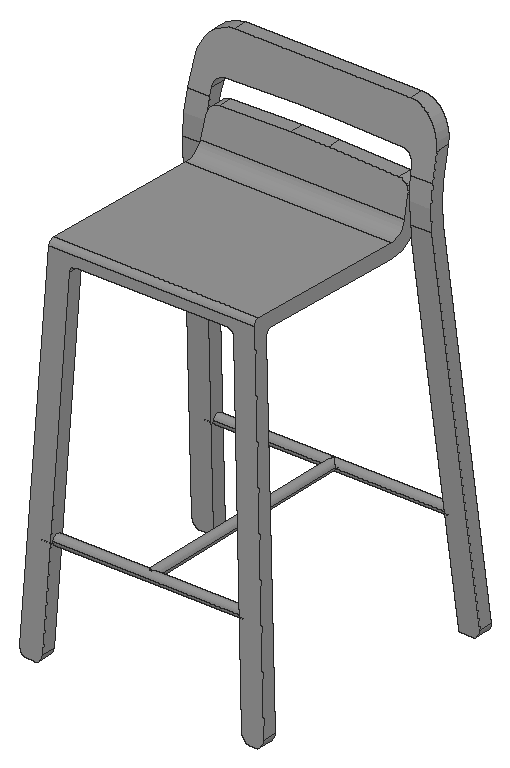
Revit family "Stool_Hollywood_Counter_650mm_Gohome_R18", category Furniture, Revit 2018
Family settings
  OmniClass Number = 23.40.20.00
  OmniClass Title = General Furniture and Specialties
  Work Plane-Based = No
  Always vertical = Yes
  Cut with Voids When Loaded = No
  Shared = No
  Room Calculation Point = No
Parameters (values of type "White Stained Oak")
  Website = "www.gohome.com.au"
  WIDTH = 500 mm
  Type Image = <None>
  Supplier = "Gohome"
  Model By = "Chris:p Soul"
  Design By = "Ben McCarthy"
  Description = "Hollywood Stool"
  Contact = "+61 2 9565 5510"
  Chair Finish = Hollywood Chair_White Stained Oak
  Bracing_Finish = Hollywood Chair_Stainless
Types (5, lengths in mm): name | Chair Finish
  (no name) | Hollywood Chair_White Stained Oak
  Natural Oak | Hollywood Chair_Natural Oak
  White Stained Oak | Hollywood Chair_White Stained Oak
  Black Stained Oak | Hollywood Chair_Black Stained Oak
  Red Stained Oak | Hollywood Chair_Red Stained Oak
Reference planes
  plane 1 "Center (Front/Back)": y = 0
  plane 2: z = 0
  plane 3 "Center (Left/Right)": x = 0
  plane 4: through (0, 133.747, 515.692) normal (0, 0.9563, -0.2924)
  plane 5 "N": y = 268.494
  plane 6 "S": y = -181.506
  plane 7 "W": x = -250
  plane 8 "E": x = 250
  plane 9: z = 640
  plane 10: z = 824
  plane 11: z = 190
  plane 12: y = -158.891
  plane 13: y = 237.735
Forms (mm)
  Extrusion 1, void
    sketch origin (0, 0, 189.696) x (1, 0, 0) y (0, 0, 1)
      loop
        line (-211.014, -173.906) -> (-175.263, 503.881)
        arc (-175.263, 503.881) -> (-169.24, 517.155) -> (-155.813, 522.821) r 20
        line (-155.813, 522.821) -> (-32.373, 526.076)
        arc (-32.373, 526.076) -> (0, 526.503) -> (32.373, 526.076) r 1227.908
        line (32.373, 526.076) -> (155.813, 522.821)
        arc (155.813, 522.821) -> (169.24, 517.155) -> (175.258, 503.881) r 20
        line (175.258, 503.881) -> (211.014, -173.906)
        arc (211.014, -173.906) -> (206.917, -185.019) -> (196.035, -189.696) r 15
        line (196.035, -189.696) -> (342.813, -189.696) -> (342.813, 835.06) -> (13.239, 835.06) -> (-342.482, 835.06) -> (-342.482, -189.696) -> (-196.035, -189.696)
        arc (-196.035, -189.696) -> (-206.917, -185.019) -> (-211.014, -173.906) r 15
    from -326.217 to 362.964
  Sweep 2, solid, material "Hollywood Chair_White Stained Oak" <- "Chair Finish"
    path origin (204.953, 235.072, 189.696) x (0, 1, 0) y (0, 0, 1)
      loop
        line (-15.704, 651.046) -> (-47.858, 530.252)
        arc (-47.858, 530.252) -> (-54.044, 494.394) -> (-53.762, 458.006) r 204
        line (-53.762, 458.006) -> (9.248, -189.068)
    profile origin (204.953, 212.814, 324.165) x (0, 0.995292, 0.096917) y (1, 0, 0)
      loop
        line (0, -204.922) -> (0, -523.636) -> (23.789, -523.577) -> (23.789, -205.248) -> (23.789, 113.671) -> (0, 113.729) -> (0, -204.922)
  Extrusion 3, void
    sketch origin (0, 0, 189.696) x (1, 0, 0) y (0, 0, 1)
      loop
        line (13.239, 835.06) -> (-342.482, 835.06) -> (-342.482, -264.94) -> (-257.108, -264.94) -> (261.354, -264.94) -> (342.813, -264.94) -> (342.813, 835.06) -> (13.239, 835.06)
      loop
        line (-209.358, 574.996) -> (-248.86, -173.906)
        arc (-248.86, -173.906) -> (-244.763, -185.019) -> (-233.881, -189.696) r 15
        line (-233.881, -189.696) -> (-216.59, -189.696)
        arc (-216.59, -189.696) -> (-213.149, -188.323) -> (-211.597, -184.959) r 5
        line (-211.597, -184.959) -> (-175.395, 501.388) -> (-173.02, 544.472)
        arc (-173.02, 544.472) -> (-166.988, 557.715) -> (-153.578, 563.364) r 20
        line (-153.578, 563.364) -> (-32.373, 566.561)
        arc (-32.373, 566.561) -> (0, 566.988) -> (32.373, 566.561) r 1227.908
        line (32.373, 566.561) -> (153.578, 563.364)
        arc (153.578, 563.364) -> (166.988, 557.715) -> (173.02, 544.472) r 20
        line (173.02, 544.472) -> (175.395, 501.388) -> (211.597, -184.959)
        arc (211.597, -184.959) -> (213.149, -188.323) -> (216.59, -189.696) r 5
        line (216.59, -189.696) -> (233.881, -189.696)
        arc (233.881, -189.696) -> (244.763, -185.019) -> (248.86, -173.906) r 15
        line (248.86, -173.906) -> (209.358, 574.996)
        arc (209.358, 574.996) -> (191.71, 614.419) -> (152.157, 631.774) r 60
        arc (152.157, 631.774) -> (0, 635.218) -> (-152.157, 631.774) r 3362.544
        arc (-152.157, 631.774) -> (-191.71, 614.419) -> (-209.358, 574.996) r 60
    from -424.588 to 138.074
  Extrusion 4, void
    sketch origin (0, -690, 189.696) x (1, 0, 0) y (0, 0, 1)
      loop
        line (132.236, 430.965) -> (-130.86, 430.965)
        arc (-130.86, 430.965) -> (-137.744, 428.219) -> (-140.846, 421.487) r 10
        line (-140.846, 421.487) -> (-172.031, -175.478)
        arc (-172.031, -175.478) -> (-176.684, -185.575) -> (-187.011, -189.696) r 15
        line (-187.011, -189.696) -> (-233.193, -189.696) -> (-233.193, -304.696) -> (256.447, -304.696) -> (256.447, -189.696) -> (188.335, -189.696)
        arc (188.335, -189.696) -> (178.009, -185.575) -> (173.356, -175.477) r 15
        line (173.356, -175.477) -> (142.223, 421.486)
        arc (142.223, 421.486) -> (139.121, 428.218) -> (132.236, 430.965) r 10
    from -583.589 to -356.965
  Sweep 5, solid, material "Hollywood Chair_White Stained Oak" <- "Chair Finish", not visible
    path origin (-820.668, 0, 203.554) x (1, 0, 0) y (0, 0, 1)
      loop
        line (570.733, 528.012) -> (1070.733, 528.012)
    profile origin (0.064, 0, 731.566) x (0, 0, 1) y (0, -1, 0)
      loop
        line (-108.623, -166.536) -> (-260.858, -119.994)
        arc (-260.858, -119.994) -> (-292.764, -96.598) -> (-303.169, -58.426) r 60
        line (-303.169, -58.426) -> (-281.263, 254.522)
        spline (-281.263, 254.522) -> (-281.257, 255.829) -> (-281.423, 257.125) -> (-281.756, 258.388) -> (-282.251, 259.598) -> (-282.9, 260.732) -> (-283.692, 261.772) -> (-284.613, 262.7) -> (-285.647, 263.5) -> (-286.777, 264.159) -> (-287.983, 264.664) -> (-289.245, 265.008) -> (-290.541, 265.184)
        line (-290.541, 265.184) -> (-291.834, 265.274) -> (-734.459, 296.194) -> (-734.459, 273.901) -> (-307.017, 244.042) -> (-328.425, -61.794)
        spline (-328.425, -61.794) -> (-328.303, -70.544) -> (-327.224, -79.228) -> (-325.201, -87.742) -> (-322.259, -95.984) -> (-318.432, -103.855) -> (-313.766, -111.261) -> (-308.318, -118.113) -> (-302.152, -124.329) -> (-295.344, -129.834) -> (-287.973, -134.563) -> (-280.129, -138.458) -> (-271.906, -141.473)
        line (-271.906, -141.473) -> (-110.496, -190.84)
        arc (-110.496, -190.84) -> (-107.722, -190.42) -> (-106.509, -187.89) r 3
        line (-106.509, -187.89) -> (-106.509, -169.182)
        spline (-106.509, -169.182) -> (-106.546, -168.884) -> (-106.613, -168.592) -> (-106.708, -168.308) -> (-106.831, -168.035) -> (-106.981, -167.775) -> (-107.156, -167.532) -> (-107.355, -167.308) -> (-107.575, -167.104) -> (-107.814, -166.924) -> (-108.07, -166.768) -> (-108.341, -166.638) -> (-108.623, -166.536)
  Extrusion 6, void, not visible
    sketch origin (0, 0, 0) x (1, 0, 0) y (0, 0, 1)
      loop
        line (-241.599, -65) -> (-195.458, 594.851)
        arc (-195.458, 594.851) -> (-185.991, 614.699) -> (-165.531, 622.758) r 30
        line (-165.531, 622.758) -> (165.862, 622.758)
        arc (165.862, 622.758) -> (186.322, 614.699) -> (195.789, 594.851) r 30
        line (195.789, 594.851) -> (241.93, -65) -> (367.21, -65) -> (367.21, 835.06) -> (13.239, 835.06) -> (-366.879, 835.06) -> (-366.879, -65) -> (-241.599, -65)
    from -326.217 to 362.964
  Sweep 7, solid, material "Hollywood Chair_White Stained Oak" <- "Chair Finish", not visible
    path origin (204.953, 265.712, 0) x (0, 1, 0) y (0, 0, 1)
      loop
        line (-34.577, 782.317) -> (-117.45, 511.254)
        arc (-117.45, 511.254) -> (-126.491, 462.205) -> (-124.17, 412.384) r 218.426
        line (-124.17, 412.384) -> (-57.209, 0)
    profile origin (204.953, 175.022, 206.192) x (0, 0.987072, 0.160277) y (1, 0, 0)
      loop
        line (-15.179, -204.922) -> (-15.179, -488.636) -> (8.611, -488.577) -> (8.611, -205.248) -> (8.611, 78.671) -> (-15.179, 78.729) -> (-15.179, -204.922)
  Extrusion 8, void, not visible
    sketch origin (0, 0, 0) x (1, 0, 0) y (0, 0, 1)
      loop
        arc (-274.397, 10.698) -> (-271.735, 3.18) -> (-264.422, 0) r 10
        line (-264.422, 0) -> (-246.379, 0)
        arc (-246.379, 0) -> (-239.565, 2.681) -> (-236.405, 9.288) r 10
        line (-236.405, 9.288) -> (-190.907, 659.94)
        arc (-190.907, 659.94) -> (-181.44, 679.788) -> (-160.98, 687.847) r 30
        line (-160.98, 687.847) -> (161.311, 687.847)
        arc (161.311, 687.847) -> (181.771, 679.788) -> (191.238, 659.94) r 30
        line (191.238, 659.94) -> (236.735, 9.297)
        arc (236.735, 9.297) -> (239.892, 2.685) -> (246.71, 0) r 10
        line (246.71, 0) -> (264.753, 0)
        arc (264.753, 0) -> (272.066, 3.18) -> (274.729, 10.698) r 10
        line (274.729, 10.698) -> (227.031, 692.802)
        arc (227.031, 692.802) -> (198.63, 752.346) -> (137.25, 776.524) r 90
        line (137.25, 776.524) -> (-136.919, 776.524)
        arc (-136.919, 776.524) -> (-198.299, 752.346) -> (-226.7, 692.802) r 90
        line (-226.7, 692.802) -> (-274.397, 10.698)
      loop
        line (13.239, 835.06) -> (-366.879, 835.06) -> (-366.879, -40) -> (-281.505, -40) -> (285.751, -40) -> (367.21, -40) -> (367.21, 835.06) -> (13.239, 835.06)
    from -424.588 to 138.074
  Extrusion 9, void, not visible
    sketch origin (0, -690, 0) x (1, 0, 0) y (0, 0, 1)
      loop
        arc (-198.311, 9.302) -> (-201.468, 2.686) -> (-208.288, 0) r 10
        line (-208.288, 0) -> (-226.33, 0)
        arc (-226.33, 0) -> (-233.644, 3.18) -> (-236.306, 10.698) r 10
        line (-236.306, 10.698) -> (-241.795, -67.79) -> (242.126, -67.79) -> (236.637, 10.698)
        arc (236.637, 10.698) -> (233.975, 3.18) -> (226.662, 0) r 10
        line (226.662, 0) -> (208.619, 0)
        arc (208.619, 0) -> (201.799, 2.686) -> (198.642, 9.302) r 10
        line (198.642, 9.302) -> (170.465, 412.258)
        arc (170.465, 412.258) -> (167.309, 418.874) -> (160.489, 421.561) r 10
        line (160.489, 421.561) -> (-160.158, 421.561)
        arc (-160.158, 421.561) -> (-166.978, 418.874) -> (-170.133, 412.258) r 10
        line (-170.133, 412.258) -> (-198.311, 9.302)
    from -445.955 to -356.965
  Extrusion 10, solid, material "Hollywood Chair_Stainless" <- "Bracing_Finish"
    sketch origin (0, 30.234, 19.116) x (0, 1, 0) y (0, 0, 1)
      loop
        circle (207.501, 170.884) r 9
    from -217.622 to 219.371
  Extrusion 11, solid, material "Hollywood Chair_Stainless" <- "Bracing_Finish"
    sketch origin (0, -366.391, 19.116) x (0, 1, 0) y (0, 0, 1)
      loop
        circle (207.501, 170.884) r 9
    from -182.024 to 182.546
  Extrusion 12, solid, material "Hollywood Chair_Stainless" <- "Bracing_Finish"
    sketch origin (207.501, -236.473, 19.116) x (-1, 0, 0) y (0, 0, 1)
      loop
        circle (207.501, 170.884) r 9
    from 77.582 to 474.208
  Extrusion 13, solid, material "Hollywood Chair_White Stained Oak" <- "Chair Finish"
    sketch origin (0, -30.64, 0) x (0, 1, 0) y (0, 0, 1)
      loop
        line (221.425, 732.543) -> (202.047, 659.747)
        arc (202.047, 659.747) -> (190.94, 643.377) -> (172.055, 637.481) r 30
        line (172.055, 637.481) -> (-114.631, 647.06)
        arc (-114.631, 647.06) -> (-121.79, 644.374) -> (-124.958, 637.414) r 10
        line (-124.958, 637.414) -> (-147.202, 0) -> (-123.187, 0) -> (-101.809, 612.627)
        arc (-101.809, 612.627) -> (-98.64, 619.587) -> (-91.481, 622.273) r 10
        line (-91.481, 622.273) -> (171.254, 613.494)
        arc (171.254, 613.494) -> (205.246, 624.107) -> (225.24, 653.574) r 54
        line (225.24, 653.574) -> (246.26, 732.543) -> (221.425, 732.543)
    from -274.397 to 274.397
Cuts and joins
  Extrusion 3, Extrusion 4 cuts Sweep 2
  Extrusion 1, Extrusion 4 cuts Extrusion 13
Lines and regions (mm)
  Masking region 1
    outline origin (-849.718, 0, -263.857) x (1, 0, 0) y (0, 0, 1)
      loop
        line (640.12, 1028.321) -> (637.043, 965.675) -> (600.858, 279.647)
        arc (600.858, 279.647) -> (604.955, 268.534) -> (615.837, 263.857) r 15
        line (615.837, 263.857) -> (633.128, 263.857)
        arc (633.128, 263.857) -> (636.569, 265.23) -> (638.121, 268.594) r 5
        line (638.121, 268.594) -> (674.323, 954.941) -> (676.698, 998.025)
        arc (676.698, 998.025) -> (682.73, 1011.268) -> (696.14, 1016.917) r 20
        line (696.14, 1016.917) -> (817.345, 1020.114)
        arc (817.345, 1020.114) -> (849.718, 1020.541) -> (882.091, 1020.114) r 1227.908
        line (882.091, 1020.114) -> (1003.296, 1016.917)
        arc (1003.296, 1016.917) -> (1016.706, 1011.268) -> (1022.738, 998.025) r 20
        line (1022.738, 998.025) -> (1025.113, 954.941) -> (1061.315, 268.594)
        arc (1061.315, 268.594) -> (1062.867, 265.23) -> (1066.308, 263.857) r 5
        line (1066.308, 263.857) -> (1083.599, 263.857)
        arc (1083.599, 263.857) -> (1094.481, 268.534) -> (1098.578, 279.647) r 15
        line (1098.578, 279.647) -> (1062.393, 965.675) -> (1059.316, 1028.321)
        arc (1059.316, 1028.321) -> (1041.736, 1067.884) -> (1002.108, 1085.316) r 60
        arc (1002.108, 1085.316) -> (925.932, 1087.971) -> (849.718, 1089.027) r 3630.726
        arc (849.718, 1089.027) -> (773.504, 1087.971) -> (697.328, 1085.316) r 3630.726
        arc (697.328, 1085.316) -> (657.7, 1067.884) -> (640.12, 1028.321) r 60
  symbolic lines
    curve 1: line (0, 268.494, 0) -> (0, 205.197, 650.028)
    curve 2: arc (0, 205.197, 650.028) -> (0, 204.948, 682.135) -> (0, 210.406, 713.775) r 180
    curve 3: arc (0, 181.31, 647.702) -> (0, 181.027, 684.089) -> (0, 187.214, 719.948) r 204
    curve 4: line (0, 244.607, -2.326) -> (0, 181.31, 647.702)
Dimensions and locks
  Sweep 2 sketch curve to Sweep 2 sketch curve = 23.677 mm
  Sweep 7 sketch curve to Sweep 7 sketch curve = 23.482 mm
  plane 5 "N" to plane 6 "S" = 450 mm  (x2)
  plane 10 to level = 824 mm
  plane 9 to level = 640 mm
  plane 11 to level = 190 mm
  equal spacing: plane 7 "W", plane 3 "Center (Left/Right)", plane 8 "E"
  "WIDTH": plane 7 "W" to plane 8 "E"
  aligned and locked: level to plane 2
Automatic sketch dimensions
  Sweep 2 sketch curve to profile plane = 0 mm
  Sweep 2 sketch curve to profile plane = 23.789 mm
  Sweep 2 sketch curve to profile plane = 523.636 mm
  Sweep 2 sketch curve to Sweep 2 sketch curve = 0.059 mm  (x2)
  Sweep 2 sketch curve to profile plane = 205.248 mm
  Sweep 2 sketch curve to Sweep 2 sketch curve = 0.326 mm
  profile plane to Sweep 2 sketch curve = 113.671 mm
  Extrusion 10 sketch curve to plane 11 = 0 mm
  Extrusion 10 sketch curve to plane 5 "N" = 30.759 mm
  Extrusion 11 sketch curve to plane 11 = 0 mm
  plane 6 "S" to Extrusion 11 sketch curve = 22.615 mm
  Extrusion 12 sketch curve to plane 3 "Center (Left/Right)" = 0 mm
  Extrusion 12 sketch curve to plane 11 = 0 mm
  Extrusion 13 sketch curve to Extrusion 13 sketch curve = 0 mm  (x2)
  Extrusion 13 sketch curve to level = 0 mm
  plane 6 "S" to Extrusion 13 sketch curve = 3.664 mm
  Extrusion 13 sketch curve to plane 9 = 2.586 mm
  plane 6 "S" to Extrusion 13 sketch curve = 25.908 mm
  Extrusion 13 sketch curve to Extrusion 13 sketch curve = 24.015 mm
  Extrusion 13 sketch curve to plane 9 = 2.934 mm
  Extrusion 13 sketch curve to Extrusion 13 sketch curve = 9.994 mm  (x2)
  plane 9 to Extrusion 13 sketch curve = 7.06 mm
  Extrusion 13 sketch curve to plane 9 = 27.373 mm
  Extrusion 13 sketch curve to Extrusion 13 sketch curve = 13.156 mm
  Extrusion 13 sketch curve to plane 9 = 17.727 mm
  Extrusion 13 sketch curve to Extrusion 13 sketch curve = 0.334 mm
  Extrusion 13 sketch curve to plane 9 = 26.506 mm
  Extrusion 13 sketch curve to plane 5 "N" = 127.88 mm
  Extrusion 13 sketch curve to plane 9 = 2.519 mm
  Extrusion 13 sketch curve to Extrusion 13 sketch curve = 0.801 mm
  Extrusion 13 sketch curve to Extrusion 13 sketch curve = 1.002 mm
  plane 9 to Extrusion 13 sketch curve = 19.747 mm
  Extrusion 13 sketch curve to Extrusion 13 sketch curve = 28.991 mm
  Extrusion 13 sketch curve to plane 5 "N" = 77.709 mm
  plane 9 to Extrusion 13 sketch curve = 13.574 mm
  Extrusion 13 sketch curve to plane 5 "N" = 52.874 mm
  Extrusion 13 sketch curve to Extrusion 13 sketch curve = 78.969 mm
  curve 2 to curve 3 = 0 mm  (x2)
  curve 1 to level = 0 mm
  curve 1 to plane 5 "N" = 0 mm
  curve 4 to level = 2.326 mm
  curve 4 to plane 5 "N" = 23.887 mm
  plane 9 to curve 1 = 10.028 mm
  curve 1 to plane 5 "N" = 63.297 mm
  plane 9 to curve 3 = 27.473 mm
  plane 5 "N" to curve 3 = 115.856 mm
  curve 2 to plane 5 "N" = 58.087 mm
  curve 4 to curve 1 = 23.887 mm
  curve 3 to curve 2 = 23.192 mm
  plane 9 to curve 3 = 7.702 mm
  plane 8 "E" to Masking region 1 sketch curve = 399.67 mm
  plane 8 "E" to Masking region 1 sketch curve = 262.154 mm
  Masking region 1 sketch curve to Masking region 1 sketch curve = 24.308 mm
  Masking region 1 sketch curve to Masking region 1 sketch curve = 299.341 mm
  Masking region 1 sketch curve to level = 2805.536 mm
  Masking region 1 sketch curve to Masking region 1 sketch curve = 0 mm  (x6)
  Masking region 1 sketch curve to plane 10 = 62.479 mm  (x2)
  Masking region 1 sketch curve to Masking region 1 sketch curve = 2.719 mm
  Masking region 1 sketch curve to Masking region 1 sketch curve = 59.928 mm  (x2)
  Masking region 1 sketch curve to Masking region 1 sketch curve = 152.39 mm
  Masking region 1 sketch curve to plane 10 = 132.916 mm  (x2)
  Masking region 1 sketch curve to Masking region 1 sketch curve = 25.725 mm
  Masking region 1 sketch curve to plane 10 = 89.832 mm  (x2)
  Masking region 1 sketch curve to Masking region 1 sketch curve = 23.35 mm
  Masking region 1 sketch curve to plane 10 = 70.94 mm  (x2)
  Masking region 1 sketch curve to Masking region 1 sketch curve = 3.907 mm  (x2)
  Masking region 1 sketch curve to Masking region 1 sketch curve = 19.97 mm  (x2)
  Masking region 1 sketch curve to plane 10 = 67.743 mm  (x2)
  Masking region 1 sketch curve to Masking region 1 sketch curve = 32.373 mm
  Masking region 1 sketch curve to level = 471.224 mm
  plane 8 "E" to Masking region 1 sketch curve = 250 mm
  Masking region 1 sketch curve to Masking region 1 sketch curve = 3.38 mm
  Masking region 1 sketch curve to Masking region 1 sketch curve = 2.375 mm
  Masking region 1 sketch curve to plane 11 = 185.263 mm  (x2)
  plane 8 "E" to Masking region 1 sketch curve = 461.597 mm
  Masking region 1 sketch curve to Masking region 1 sketch curve = 423.194 mm
  Masking region 1 sketch curve to plane 10 = 122.182 mm  (x2)
  Masking region 1 sketch curve to Masking region 1 sketch curve = 37.28 mm  (x2)
  Masking region 1 sketch curve to Masking region 1 sketch curve = 22.284 mm  (x2)
  Masking region 1 sketch curve to plane 11 = 174.21 mm  (x2)
  Masking region 1 sketch curve to Masking region 1 sketch curve = 14.979 mm  (x2)
  Masking region 1 sketch curve to Masking region 1 sketch curve = 15.79 mm  (x2)
  Masking region 1 sketch curve to Masking region 1 sketch curve = 4.993 mm  (x2)
  Masking region 1 sketch curve to plane 10 = 59.536 mm
  Extrusion 4 sketch curve to level = 0 mm  (x2)
  plane 7 "W" to Extrusion 4 sketch curve = 16.807 mm
  level to Extrusion 4 sketch curve = 15 mm
  Extrusion 4 sketch curve to Extrusion 4 sketch curve = 46.182 mm
  level to Extrusion 4 sketch curve = 14.217 mm
  Extrusion 4 sketch curve to plane 9 = 28.817 mm
  plane 7 "W" to Extrusion 4 sketch curve = 109.154 mm
  Extrusion 4 sketch curve to Extrusion 4 sketch curve = 9.986 mm  (x2)
  Extrusion 4 sketch curve to plane 9 = 19.339 mm
  plane 8 "E" to Extrusion 4 sketch curve = 117.764 mm
  Extrusion 4 sketch curve to plane 9 = 28.818 mm
  level to Extrusion 4 sketch curve = 14.219 mm
  plane 8 "E" to Extrusion 4 sketch curve = 76.644 mm
  Extrusion 4 sketch curve to Extrusion 4 sketch curve = 14.98 mm
  Extrusion 4 sketch curve to plane 8 "E" = 6.447 mm
  Extrusion 4 sketch curve to level = 115 mm
  Extrusion 1 sketch curve to level = 0 mm  (x4)
  plane 3 "Center (Left/Right)" to Extrusion 1 sketch curve = 0 mm
  Extrusion 1 sketch curve to plane 3 "Center (Left/Right)" = 32.373 mm
  plane 7 "W" to Extrusion 1 sketch curve = 94.715 mm
  Extrusion 1 sketch curve to Extrusion 1 sketch curve = 0.527 mm  (x2)
  level to Extrusion 1 sketch curve = 15 mm  (x2)
  plane 7 "W" to Extrusion 1 sketch curve = 53.965 mm
  Extrusion 1 sketch curve to Extrusion 1 sketch curve = 14.979 mm
  Extrusion 1 sketch curve to plane 7 "W" = 92.482 mm
  plane 3 "Center (Left/Right)" to Extrusion 1 sketch curve = 13.239 mm
  plane 3 "Center (Left/Right)" to Extrusion 1 sketch curve = 32.373 mm
  plane 8 "E" to Extrusion 1 sketch curve = 94.715 mm
  plane 8 "E" to Extrusion 1 sketch curve = 53.965 mm
  level to Extrusion 1 sketch curve = 15.79 mm
  Extrusion 1 sketch curve to plane 8 "E" = 92.813 mm
  Extrusion 1 sketch curve to level = 511.709 mm
  plane 9 to Extrusion 1 sketch curve = 52.523 mm  (x2)
  Extrusion 1 sketch curve to Extrusion 1 sketch curve = 19.993 mm  (x2)
  plane 9 to Extrusion 1 sketch curve = 75.772 mm
  plane 10 to Extrusion 1 sketch curve = 200.756 mm
  Extrusion 1 sketch curve to Extrusion 1 sketch curve = 19.972 mm  (x2)
  plane 9 to Extrusion 1 sketch curve = 53.577 mm
  Extrusion 1 sketch curve to Extrusion 1 sketch curve = 0.006 mm  (x2)
  Extrusion 1 sketch curve to Extrusion 1 sketch curve = 0 mm  (x3)
  plane 9 to Sweep 2 sketch curve = 7.702 mm
  Sweep 2 sketch curve to plane 13 = 56.425 mm
  Sweep 2 sketch curve to plane 13 = 50.521 mm
  plane 9 to Sweep 2 sketch curve = 27.473 mm
  plane 5 "N" to Sweep 2 sketch curve = 115.856 mm
  Sweep 2 sketch curve to plane 13 = 18.367 mm
  level to Sweep 2 sketch curve = 0.627 mm
  plane 13 to Sweep 2 sketch curve = 6.584 mm
  plane 10 to Sweep 2 sketch curve = 16.742 mm
  Extrusion 3 sketch curve to level = 0 mm  (x2)
  plane 3 "Center (Left/Right)" to Extrusion 3 sketch curve = 0 mm  (x2)
  Extrusion 3 sketch curve to plane 3 "Center (Left/Right)" = 32.373 mm
  plane 7 "W" to Extrusion 3 sketch curve = 96.949 mm
  Extrusion 3 sketch curve to Extrusion 3 sketch curve = 0.527 mm
  Extrusion 3 sketch curve to Extrusion 3 sketch curve = 4.136 mm  (x2)
  Extrusion 3 sketch curve to Extrusion 3 sketch curve = 19.97 mm  (x2)
  Extrusion 3 sketch curve to Extrusion 3 sketch curve = 2.375 mm  (x2)
  plane 7 "W" to Extrusion 3 sketch curve = 40.642 mm
  level to Extrusion 3 sketch curve = 4.737 mm  (x2)
  plane 7 "W" to Extrusion 3 sketch curve = 38.403 mm
  Extrusion 3 sketch curve to Extrusion 3 sketch curve = 4.993 mm
  plane 7 "W" to Extrusion 3 sketch curve = 16.119 mm
  plane 7 "W" to Extrusion 3 sketch curve = 1.14 mm
  Extrusion 3 sketch curve to plane 7 "W" = 7.108 mm
  Extrusion 3 sketch curve to Extrusion 3 sketch curve = 85.374 mm
  plane 3 "Center (Left/Right)" to Extrusion 3 sketch curve = 13.239 mm
  plane 3 "Center (Left/Right)" to Extrusion 3 sketch curve = 32.373 mm
  plane 8 "E" to Extrusion 3 sketch curve = 100.558 mm
  Extrusion 3 sketch curve to Extrusion 3 sketch curve = 3.609 mm
  Extrusion 3 sketch curve to plane 10 = 70.94 mm
  plane 8 "E" to Extrusion 3 sketch curve = 40.642 mm
  plane 8 "E" to Extrusion 3 sketch curve = 38.403 mm
  level to Extrusion 3 sketch curve = 5 mm
  plane 8 "E" to Extrusion 3 sketch curve = 16.119 mm
  plane 8 "E" to Extrusion 3 sketch curve = 1.14 mm
  Extrusion 3 sketch curve to plane 8 "E" = 11.354 mm
  Extrusion 3 sketch curve to plane 8 "E" = 92.813 mm
  Extrusion 3 sketch curve to level = 75.244 mm
  Extrusion 3 sketch curve to level = 471.224 mm
  Extrusion 3 sketch curve to Extrusion 3 sketch curve = 2066.405 mm
  level to Extrusion 3 sketch curve = 15 mm  (x2)
  plane 9 to Extrusion 3 sketch curve = 51.084 mm  (x2)
  Extrusion 3 sketch curve to Extrusion 3 sketch curve = 19.993 mm
  Extrusion 3 sketch curve to Extrusion 3 sketch curve = 41.984 mm
  Extrusion 3 sketch curve to Extrusion 3 sketch curve = 1.101 mm
  Extrusion 3 sketch curve to plane 10 = 67.743 mm
  Extrusion 3 sketch curve to Extrusion 3 sketch curve = 8.471 mm  (x2)
  Extrusion 3 sketch curve to Extrusion 3 sketch curve = 30.524 mm
  Extrusion 3 sketch curve to Extrusion 3 sketch curve = 3.16 mm
  plane 10 to Extrusion 3 sketch curve = 200.756 mm
  Extrusion 3 sketch curve to Extrusion 3 sketch curve = 0 mm
  radius of Extrusion 10 sketch curve = 9 mm
  radius of Extrusion 11 sketch curve = 9 mm
  radius of Extrusion 12 sketch curve = 9 mm
